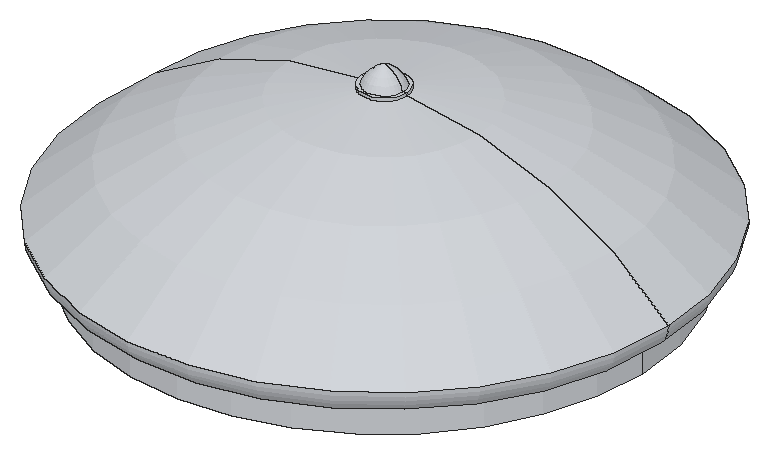
Revit family "0043437_3000K", category Lighting Fixtures, host Face, Revit 2017
Family settings
  Host = Face
  Round Connector Dimension = Use Diameter
  Part Type = Normal
  OmniClass Number = 23.80.70.00
  OmniClass Title = Lighting
  Cut with Voids When Loaded = No
  Light Source = Yes
  Shared = No
  Room Calculation Point = No
Parameters (values of type "0043437 STRT ECO SURF IP44 PIR 1400LM 830 DT")
  YIN_360_SYL = no
  YIN_330_SYL = yes
  YIN_250_SYL = no
  YIN_180_SYL = no
  Weight = "3.54 kg"
  Wattage Comments = ""
  Wattage = 18 W
  WarrantyStartDate [instance] = "n/a"
  WarrantyGuarantorParts = "n/a"
  WarrantyDurationUnit = "n/a"
  WarrantyDurationParts = "n/a"
  WarrantyDescription = "n/a"
  built-in parameter 1150110 = 1 (stored number, unit not read)
  Voltage = 0 V
  URL = "http://www.sylvania-lighting.com"
  TypeName = "Start eco Surface IP44 PIR 1400lm 830/840 DualTone"
  Type Image = <None>
  Type Comments = "n/a"
  built-in parameter 1114217 = 1 (stored number, unit not read)
  Tilt Angle = -90.00°
  built-in parameter 1150109 = 1 (stored number, unit not read)
  built-in parameter 1150134 = 12
  built-in parameter 1150113 = 1 (stored number, unit not read)
  SerialNumber [instance] = "n/a"
  SENSOR_SYL = 12 mm
  Photometric Web File = "0043437_3000K.IES"
  Material_3_SYL = none
  PowerFactor = 0.7
  PowerConsumption = "18 W"
  NominalLength = 330 mm
  NominalHeight = 108 mm
  NominalDepth = 330 mm
  Name = "Start eco Surface IP44 PIR 1400lm 830/840 DualTone"
  ModelReference = Name  # "Start eco Surface IP44 PIR 1400lm 830/840 DualTone"
  ModelNumber = "0043437"
  Model = Name  # "Start eco Surface IP44 PIR 1400lm 830/840 DualTone"
  Material = "steel housing, polypropylene diffuser"
  ManufacturerName = "Feilo Sylvania"
  Manufacturer = "Feilo Sylvania"
  LuminousEfficacy = "78 lm/W"
  built-in parameter 1150105 = 381.82 (stored number, unit not read)
  Lumens = 1404 lm
  LuminaireType = ""
  built-in parameter 1150115 = 1 (stored number, unit not read)
  LightOutputRatio = "n/a"
  built-in parameter 1150137 = (empty or 0)
  built-in parameter 1150139 = (empty or 0)
  LampsType = Lamp  # "LED"
  LampNominalLuminous = "1400 lm"
  LampMacAdamStep = "6"
  LampColourTemperature = "3000 K"
  LampColourRenderingIndex = "80"
  built-in parameter 1150112 = 1 (stored number, unit not read)
  built-in parameter 1150114 = 1 (stored number, unit not read)
  Lamp = "LED"
  LUM_R_SYL = if(YIN_180_SYL, 90 mm, if(YIN_250_SYL, 125 mm, if(YIN_330_SYL, 165 mm, if(YIN_360_SYL, 180 mm, 180 mm))))  # 165 mm
  LUM_R_HEIGHT_SYL = LUM_H_SYL - 30 mm  # 66 mm
  LUM_H_SYL = if(YIN_180_SYL, 75 mm, if(YIN_250_SYL, 80 mm, if(YIN_330_SYL, 96 mm, if(YIN_360_SYL, 100 mm, 100 mm))))  # 96 mm
  Keynote = "16500"
  InstallationDate [instance] = "n/a"
  InputVoltage = "n/a"
  InputNominalFrequency = "n/a"
  built-in parameter 1150132 = (empty or 0)
  built-in parameter 1150102 = (empty or 0)
  built-in parameter 1150107 = 4000 (stored number, unit not read)
  built-in parameter 1150138 = (empty or 0)
  IngressProtection = "IP44"
  ImpactProtectionIndex = "IK03"
  built-in parameter 1150106 = 3.8182 (stored number, unit not read)
  IfcExportType = "IfcLightFixtureType"
  IfcExportAs = "IfcLightFixtureType"
  Emit from Circle Diameter = 609.6 mm
  Emit Shape Visible in Rendering = no
  ElectricShockClassification = "Class I"
  built-in parameter 1150104 = 7.2464 (stored number, unit not read)
  DocumentationLiterature = "http://www.sylvania-lighting.com/product/en-int/products/0043437"
  DimmingControlOptions = "n/a"
  Material_2_SYL = none
  Dimming Lamp Color Temperature Shift = <None>
  Description = ""
  Default Elevation = 1219.2 mm
  CreatedOn = "1/4/2021"
  CreatedBy = "@sylvania-lighting.com"
  Cost = 0
  Color Filter = 16777215
  built-in parameter 1114216 [instance] = (empty or 0)
  ClassificationValue = "EF_70_80"
  ClassificationName = "Uniclass2015"
  Material_1_SYL = none
  BarCode [instance] = "n/a"
  built-in parameter 1114218 = 1 (stored number, unit not read)
  BOTTOM_R_SYL = if(YIN_180_SYL, 76 mm, if(YIN_250_SYL, 110 mm, if(YIN_330_SYL, 150 mm, if(YIN_360_SYL, 150 mm, 150 mm))))  # 150 mm
  BOTTOM_HEIGHT_SYL = LUM_H_SYL - 15 mm  # 81 mm
  built-in parameter 1150133 = 10 (stored number, unit not read)
  AssetType = "Fixed"
  AssetIdentifier [instance] = "n/a"
  Assembly Code = "D5020200"
  Apparent Load = 18 VA
  Material_4_SYL = none
Types (2, lengths in mm): name | Photometric Web File | LampColourTemperature
  0043437 STRT ECO SURF IP44 PIR 1400LM 830 DT | "0043437_3000K.IES" | "3000 K"
  0043437 STRT ECO SURF IP44 PIR 1400LM 840 DT | "0043437_4000K.ies" | "4000 K"
Reference planes
  plane 1 "Center (Front/Back)": y = 0
  plane 2: z = 0
  plane 3 "Center (Left/Right)": x = 0
  plane 4: x = -150
  plane 5: x = -165
  plane 6: z = -96
  plane 7: z = -66
  plane 8: z = -81
  plane 9: z = 12
  plane 10: z = 8
  plane 11: x = 13
  plane 12: x = -13
  plane 13: x = 11
  plane 14: x = -11
Forms (mm)
  Revolve 1, solid
    sketch origin (0, 0, 0) x (1, 0, 0) y (0, 0, 1)
      loop
        line (0, -96) -> (0, 0) -> (0, 1.668) -> (-13, 1.668) -> (-13, 0)
        arc (-13, 0) -> (-95.139, -18.862) -> (-165, -66) r 230.402
        arc (-165, -66) -> (-160.54, -76.54) -> (-150, -81) r 15.235
        line (-150, -81) -> (-150, -96) -> (0, -96)
      axis (0, -96) -> (0, 1.668)
    angle from 360 to 0
  Revolve 2, solid
    sketch origin (0, 0, 0) x (1, 0, 0) y (0, 0, 1)
      loop
        arc (0, 12) -> (-6.591, 7.995) -> (-11, 1.668) r 18.662
        line (-11, 1.668) -> (0, 1.668) -> (0, 12)
      axis (0, 1.668) -> (0, 12)
    angle from 360 to 0
Dimensions and locks
  "BOTTOM_R_SYL": plane 3 "Center (Left/Right)" to plane 4
  "LUM_R_SYL": plane 3 "Center (Left/Right)" to plane 5
  "BOTTOM_HEIGHT_SYL": host face to plane 8
  "LUM_R_HEIGHT_SYL": host face to plane 7
  "LUM_H_SYL": host face to plane 6
  "SENSOR_SYL": plane 9 to host face
  plane 12 to plane 3 "Center (Left/Right)" to plane 11 = 13 mm, 13 mm
  aligned and locked: plane 2 to host face
  aligned and locked: level to host face
  aligned and locked: Revolve 1 sketch curve to plane 6
  aligned and locked: plane 4 to Revolve 1 sketch curve
  aligned and locked: Revolve 1 sketch curve to imposter light
Automatic sketch dimensions
  host sketch curve to host sketch curve = 2438.4 mm  (x2)
  plane 14 to Revolve 2 sketch curve = 0 mm
  Revolve 2 sketch curve to plane 3 "Center (Left/Right)" = 0 mm
  Revolve 2 sketch curve to plane 9 = 0 mm
  plane 13 to Revolve 2 sketch curve = 4.814 mm
  level to Revolve 2 sketch curve = 1.668 mm
  Revolve 1 sketch curve to plane 5 = 0 mm
  Revolve 1 sketch curve to level = 0 mm  (x2)
  plane 12 to Revolve 1 sketch curve = 0 mm
  Revolve 1 sketch curve to plane 3 "Center (Left/Right)" = 0 mm
  Revolve 1 sketch curve to plane 8 = 0 mm
  Revolve 1 sketch curve to plane 7 = 0 mm
  plane 4 to Revolve 1 sketch curve = 0.233 mm
  Revolve 1 sketch curve to plane 3 "Center (Left/Right)" = 3.373 mm
  level to Revolve 1 sketch curve = 1.668 mm
  Revolve 1 sketch curve to Revolve 1 sketch curve = 51.304 mm
  Revolve 1 sketch curve to plane 9 = 292.8 mm
Connectors
  electrical at (0, 0, -96)
    settings: on Revolve 1, index 1, voltage 0 V, apparent load 0 VA, apparent load phase1 0 VA, apparent load phase2 0 VA, apparent load phase3 0 VA, power factor 1, load classification "Other", number of poles 1, system type 31, power factor state 1, is connector primary yes, connector utility no, sub classification motor no, connector description ""
